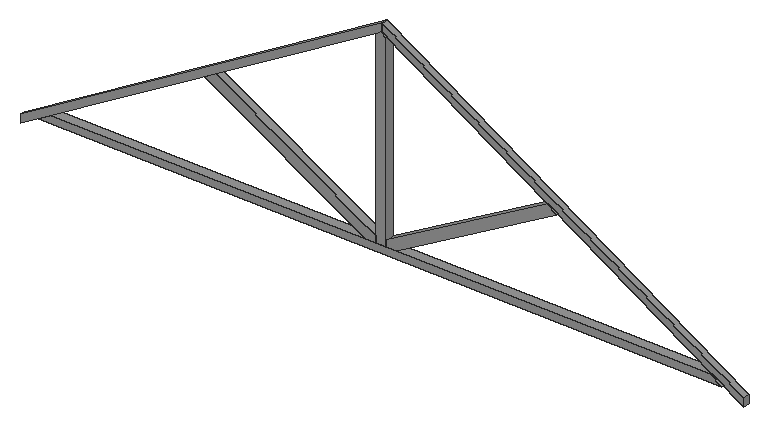
Revit family "QueenPostTruss", category Structural Framing, Revit 2020
Family settings
  Section Shape = Not Defined
  Material for Model Behavior = Wood
  Always export as geometry = No
  OmniClass Number = 23.25.30.21.14
  OmniClass Title = Trussed Beams and Joists
  Work Plane-Based = No
  Always vertical = Yes
  Cut with Voids When Loaded = No
  Symbolic Representation = From Family
  Shared = No
  Show family pre-cut in plan views = Yes
Parameters
  WebWidth [instance] = 120 mm
  WebDepth [instance] = 150 mm
  T_Volume [instance] = 0.00 m³
  TopWidth [instance] = 80 mm
  Structural Material [instance] = Poche
  SpanRight [instance] = 5000 mm
  SpanLeft [instance] = 5000 mm
  Span [instance] = SpanLeft + SpanRight  # 10000 mm
  SlopeRight [instance] = 30.00°
  SlopeLeft [instance] = 30.00°
  OverhangRight [instance] = 300 mm
  OverhangLeft [instance] = 300 mm
  TopDepth [instance] = 100 mm
  BottomWidth [instance] = 150 mm
  BottomDepth [instance] = 100 mm
Reference planes
  plane 1 "Center (Front/Back)": y = 0
  plane 2: z = 0
  plane 3 "Center (Left/Right)": x = 0
  plane 4: x = -5000
  plane 5: x = 5000
  plane 6: x = 5300
  plane 7: x = -5300
  plane 8: z = 100
  plane 9: x = 75
  plane 10: x = -75
  plane 11: x = 2500
  plane 12: x = -2500
Forms (mm)
  Extrusion 1, solid, material "Cherry"
    sketch origin (0, 0, 0) x (1, 0, 0) y (0, 0, 1)
      loop
        line (-5300, -173.205) -> (0, 2886.751) -> (0, 3002.221) -> (-5300, -57.735) -> (-5300, -173.205)
    from -40 to 40
  Extrusion 2, solid, material "Cherry"
    sketch origin (0, 0, 0) x (1, 0, 0) y (0, 0, 1)
      loop
        line (5300, -173.205) -> (5300, -57.735) -> (0, 3002.221) -> (0, 2886.751) -> (5300, -173.205)
    from -40 to 40
  Extrusion 3, solid, material "Cherry"
    sketch origin (0, 0, 0) x (1, 0, 0) y (0, 0, 1)
      loop
        line (-5000, 0) -> (5000, 0) -> (4826.795, 100) -> (-4826.795, 100) -> (-5000, 0)
    from -75 to 75
  Extrusion 4, solid, material "Cherry"
    sketch origin (0, 0, 0) x (1, 0, 0) y (0, 0, 1)
      loop
        line (75, 100) -> (75, 2843.45) -> (0, 2886.751) -> (-75, 2843.45) -> (-75, 100) -> (75, 100)
    from -60 to 60
  Extrusion 5, solid, material "Cherry"
    sketch origin (0, 0, 0) x (1, 0, 0) y (0, 0, 1)
      loop
        line (229.772, 100) -> (2575.787, 1399.62) -> (2424.213, 1487.131) -> (75, 185.739) -> (75, 100) -> (229.772, 100)
    from -60 to 60
  Extrusion 6, solid, material "Cherry"
    sketch origin (0, 0, 0) x (1, 0, 0) y (0, 0, 1)
      loop
        line (-229.772, 100) -> (-75, 100) -> (-75, 185.739) -> (-2424.213, 1487.131) -> (-2575.787, 1399.62) -> (-229.772, 100)
    from -60 to 60
Lines and regions (mm)
  reference lines
    curve 1: line (5000, 0, 0) -> (2315.321, 0, 1550)
    curve 2: line (-5000, 0, 0) -> (-1968.911, 0, 1750)
    curve 3: line (4991.574, 0, 120.335) -> (-8.024, 0, 3006.854)
    curve 4: line (-4966.214, 0, 134.977) -> (-109.65, 0, 2938.915)
    curve 5: line (0, 40, 1939.254) -> (0, 40, -520.746)
    curve 6: line (0, -40, 1939.254) -> (0, -40, -520.746)
    curve 7: line (0, -60, 1939.254) -> (0, -60, -520.746)
    curve 8: line (0, -75, 1939.254) -> (0, -75, -520.746)
    curve 9: line (0, 60, 1939.254) -> (0, 60, -520.746)
    curve 10: line (0, 75, 1939.254) -> (0, 75, -520.746)
    curve 11: line (75, 0, 100) -> (2500, 0, 1443.376)
    curve 12: line (-75, 0, 100) -> (-2500, 0, 1443.376)
    curve 13: line (-88.926, 0, 94.929) -> (2374.346, 0, 1459.506)
    curve 14: line (1.696, 0, -26.348) -> (3007.75, 0, 1638.915)
    curve 15: line (88.926, 0, 94.929) -> (-2374.346, 0, 1459.506)
    curve 16: line (-1.696, 0, -26.348) -> (-2625.654, 0, 1427.245)
Dimensions and locks
  "SpanLeft": plane 3 "Center (Left/Right)" to plane 5
  "SpanRight": plane 3 "Center (Left/Right)" to plane 4
  "OverhangLeft": plane 5 to plane 6
  "OverhangRight": plane 7 to plane 4
  "BottomDepth": level to plane 8
  equal spacing: plane 10, plane 3 "Center (Left/Right)", plane 9
  "WebDepth": plane 10 to plane 9
  "TopDepth": curve 1 to curve 3
  "TopDepth": curve 4 to curve 2
  plane 3 "Center (Left/Right)" to plane 4 = 5000 mm
  equal spacing: plane 3 "Center (Left/Right)", plane 11, plane 5
  equal spacing: curve 5, curve 4, curve 6
  "TopWidth": curve 5 to curve 6
  equal spacing: curve 9, curve 4, curve 7
  "WebWidth": curve 9 to curve 7
  equal spacing: curve 10, curve 4, curve 8
  "BottomWidth": curve 10 to curve 8
  equal spacing: plane 5, plane 11, plane 3 "Center (Left/Right)"
  equal spacing: plane 4, plane 12, plane 3 "Center (Left/Right)"
  equal spacing: curve 14, curve 11, curve 13
  "WebDepth": curve 14 to curve 13
  equal spacing: curve 15, curve 12, curve 16
  "WebDepth": curve 15 to curve 16
  "SlopeLeft": angle level to curve 1
  "SlopeRight": angle curve 2 to level
  aligned and locked: plane 2 to level
  aligned and locked: Extrusion 1 sketch curve to curve 2
  aligned and locked: Extrusion 1 sketch curve to curve 4
  aligned and locked: Extrusion 1 sketch curve to curve 6
  aligned and locked: plane 7 to Extrusion 1 sketch curve
  aligned and locked: Extrusion 2 sketch curve to curve 1
  aligned and locked: Extrusion 2 sketch curve to curve 3
  aligned and locked: Extrusion 2 sketch curve to curve 6
  aligned and locked: Extrusion 2 sketch curve to plane 6
  aligned and locked: Extrusion 3 sketch curve to level
  aligned and locked: Extrusion 3 sketch curve to plane 8
  aligned and locked: Extrusion 1 to Extrusion 3 sketch curve
  aligned and locked: Extrusion 2 to Extrusion 3 sketch curve
  aligned and locked: Extrusion 2 to curve 6
  aligned and locked: Extrusion 2 to curve 5
  aligned and locked: Extrusion 1 to curve 6
  aligned and locked: Extrusion 1 to curve 5
  aligned and locked: Extrusion 3 to curve 8
  aligned and locked: curve 10 to Extrusion 3
  aligned and locked: plane 8 to curve 11
  aligned and locked: Extrusion 4 sketch curve to plane 9
  aligned and locked: plane 10 to Extrusion 4 sketch curve
  aligned and locked: Extrusion 3 to Extrusion 4 sketch curve
  aligned and locked: Extrusion 4 sketch curve to Extrusion 2
  aligned and locked: Extrusion 1 to Extrusion 4 sketch curve
  aligned and locked: curve 14 to Extrusion 5 sketch curve
  aligned and locked: curve 13 to Extrusion 5 sketch curve
  aligned and locked: Extrusion 2 to Extrusion 5 sketch curve
  aligned and locked: Extrusion 5 sketch curve to Extrusion 4
  aligned and locked: Extrusion 3 to Extrusion 5 sketch curve
  aligned and locked: curve 16 to Extrusion 6 sketch curve
  aligned and locked: curve 15 to Extrusion 6 sketch curve
  aligned and locked: Extrusion 1 to Extrusion 6 sketch curve
  aligned and locked: Extrusion 4 to Extrusion 6 sketch curve
  aligned and locked: Extrusion 3 to Extrusion 6 sketch curve
  aligned and locked: curve 9 to Extrusion 6
  aligned and locked: Extrusion 6 to curve 7
  aligned and locked: Extrusion 4 to curve 9
  aligned and locked: Extrusion 4 to curve 7
  aligned and locked: curve 9 to Extrusion 5
  aligned and locked: Extrusion 5 to curve 7
Automatic sketch dimensions
  curve 2 to level = 0 mm
  plane 4 to curve 2 = 0 mm
  curve 12 to plane 12 = 0 mm
  curve 12 to plane 8 = 0 mm
  curve 12 to plane 10 = 0 mm
  plane 9 to curve 11 = 0 mm
  curve 11 to plane 11 = 0 mm
  curve 1 to level = 0 mm
  plane 5 to curve 1 = 0 mm
  curve 4 to plane 4 = 33.786 mm
  curve 16 to plane 12 = 125.654 mm
  plane 12 to curve 15 = 125.654 mm
  curve 4 to plane 10 = 34.65 mm
  curve 3 to plane 3 "Center (Left/Right)" = 8.024 mm
  curve 13 to plane 8 = 5.071 mm
  curve 16 to plane 3 "Center (Left/Right)" = 1.696 mm
  plane 3 "Center (Left/Right)" to curve 14 = 1.696 mm
  curve 15 to plane 8 = 5.071 mm
  plane 11 to curve 13 = 125.654 mm
  curve 14 to plane 11 = 507.75 mm
  plane 5 to curve 3 = 8.426 mm
  curve 10 to level = 520.746 mm
  curve 5 to curve 10 = 0 mm
  curve 8 to curve 5 = 0 mm
  curve 8 to curve 6 = 0 mm  (x2)
  curve 8 to curve 7 = 0 mm  (x2)
  curve 9 to curve 10 = 0 mm  (x2)
  plane 8 to curve 6 = 1839.254 mm
  curve 6 to curve 9 = 0 mm
  curve 5 to curve 9 = 0 mm
